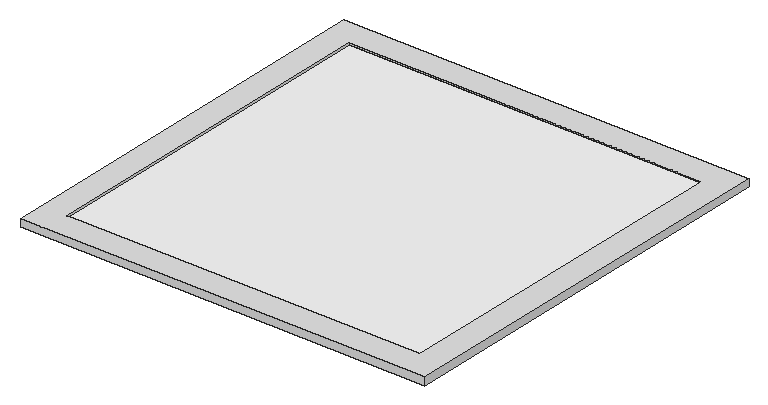
Revit family "LUXI_PANEL LIGHT_LG-E", category Apparecchi per illuminazione, host Superficie, Revit 2016
Family settings
  Host = Superficie
  Tipo di parte = Normale
  Quota connettore circolare = Usa diametro
  Numero OmniClass = 23.80.70.00
  Titolo OmniClass = Lighting
  Taglio con vuoti quando caricato = No
  Sorgente d'illuminazione = Sì
  Condiviso = No
  Punto di calcolo locali = Sì
Parameters (values of type "LPGE036660W940DA")
  Wattage = 25.582 W
  Vita utile = "L70B20 60.000ore"  # constant formula
  Variazione temperatura colore lampada con luminosità attenuata = <Nessuno>
  Uniclass 2015 Descrizione = "Lighting"  # constant formula
  Uniclass 2015 Codice = "EF_70_80"  # constant formula
  URL = "https://www.luxi.lighting/"
  Tipologie di installazione = "Incasso / plafone / sospensione"  # constant formula
  Temperatura di esercizio = "0°C / +40°C"  # constant formula
  built-in parameter 1150107 = 4000 (stored number, unit not read)
  Step MacAdam (SDCM) = "<4"  # constant formula
  Sorgente = "LED SMD"  # constant formula
  Sistema di illuminazione = "Luce indiretta (edge light)"  # constant formula
  Simbolo [instance] = yes
  Revisione = "3"  # constant formula
  Rendi la forma visibile nel rendering = no
  Regolazione del flusso luminoso = "1-10V / DALI / PUSH DIM selezionabile da dip-switch"  # constant formula
  Protezione agli urti = "IK07 (2 Joule)"  # constant formula
  Prospetto di default = 2000 mm
  Produttore = "Luxi Illuminazione S.r.l."  # constant formula
  Potenza = 36 W
  Peso = 3.60 kg
  built-in parameter 1150110 = 1 (stored number, unit not read)
  built-in parameter 1150109 = 1 (stored number, unit not read)
  built-in parameter 1114218 = 1 (stored number, unit not read)
  built-in parameter 1150112 = 1 (stored number, unit not read)
  Ottiche = "Pannello microprismatico UGR≤19"  # constant formula
  OFF1 = 38 mm
  Modello = "Serie LG-E | Panel Light"  # constant formula
  built-in parameter 1150137 = 1
  built-in parameter 1150132 = 2
  Materiale 3 = Lamiera Acciaio
  Materiale 2 = Alluminio Estruso_Bianco
  Materiale 1 = Tecnopolimero Microprismatico Alta Trasmittanza
  Masterformat 2016 Descrizione = "Lighting"  # constant formula
  Masterformat 2016 Codice = "26.50.00"  # constant formula
  Lunghezza = 595 mm
  Larghezza = 595 mm
  built-in parameter 1150105 = 302.39 (stored number, unit not read)
  built-in parameter 1150102 = (empty or 0)
  Indice di resa cromatica = "≥90 (typ.)"  # constant formula
  built-in parameter 1150106 = 3.0239 (stored number, unit not read)
  IFCExportAs = "IFCLightFixtureType"  # constant formula
  H = 11 mm
  Grado di protezione = "IP20, IP 44 (frontale)"  # constant formula
  Garanzia = "5 anni"  # constant formula
  Lumens = 3800 lm
  Color Filter = 16777215
  File diagramma fotometrico = "LPGE036660W940DA Luxi SERIE LG-E CRI90 DIM 60x60 36W 4000K.IES"
  built-in parameter 1114217 = 1 (stored number, unit not read)
  built-in parameter 1150139 = (empty or 0)
  Fattore di correzione di potenza = "≥0,95 (typ.)"  # constant formula
  Emit from Rectangle Length = Lunghezza - (2 * OFF1)  # 519 mm
  Emit from Rectangle Width = Larghezza - (2 * OFF1)  # 519 mm
  built-in parameter 1150104 = 13.8 (stored number, unit not read)
  Distanza da soffitto [instance] = 0 mm
  built-in parameter 1150115 = 1 (stored number, unit not read)
  built-in parameter 1150114 = 1 (stored number, unit not read)
  built-in parameter 1150113 = 1 (stored number, unit not read)
  Dimensioni = "595x595x11"
  Descrizione = "LED panel ad alta efficienza"  # constant formula
  built-in parameter 1150134 = 12
  built-in parameter 1150138 = (empty or 0)
  Colore = "Bianco"  # constant formula
  Classe di rischio fotobiologico = "Esente (RG0)"  # constant formula
  Classe di protezione = "II"  # constant formula
  Classe di efficienza energetica = "A++"  # constant formula
  Certificazioni = "CE / RohS"  # constant formula
  Carico apparente = Potenza  # 36 VA
  Articolo = "LPGE036660W940DA"
  Angolo inclinazione = -90.00°
  Alimentazione = "220-240V AC / 50-60 Hz"  # constant formula
  Alimentatore = "Incluso, dimmerabile"  # constant formula
  built-in parameter 1150133 = 10 (stored number, unit not read)
Types (3, lengths in mm): name | Peso | Lunghezza | Larghezza | File diagramma fotometrico | Emit from Rectangle Length | Emit from Rectangle Width | Dimensioni | Articolo
  (no name) | 3.60 kg | 595 | 595 | "LPGE036660W940DA Luxi SERIE LG-E CRI90 DIM 60x60 36W 4000K.IES" | 519 | 519 | "595x595x11" | "LPGE036660W940DA"
  LPGE036660W940DA | 3.60 kg | 595 | 595 | "LPGE036660W940DA Luxi SERIE LG-E CRI90 DIM 60x60 36W 4000K.IES" | 519 | 519 | "595x595x11" | "LPGE036660W940DA"
  LPGE036312W940DA | 3.80 kg | 1195 | 295 | "LPGE036312W940DA Luxi SERIE LG-E CRI90 DIM 30x120 36W 4000K.IES" | 1119 | 219 | "295x1295x11" | "LPGE036312W940DA"
Reference planes
  plane 1 "Centro (Fronte/Retro)": y = 0
  plane 2: z = 0
  plane 3 "Centro (Sinistra/Destra)": x = 0
  plane 4: y = 297.5
  plane 5: y = -297.5
  plane 6: x = 297.5
  plane 7: x = -297.5
  plane 8: y = 259.5
  plane 9: y = -259.5
  plane 10: x = 259.5
  plane 11: x = -259.5
  plane 12: z = 11
  plane 13: z = 0
  plane 14: z = 9
  plane 15: z = 1
Forms (mm)
  Extrusion 1, solid, material "Alluminio Estruso_Bianco" <- "Materiale 2"
    sketch origin (0, 0, 0) x (1, 0, 0) y (0, 1, 0)
      loop
        line (-297.5, 297.5) -> (-297.5, -297.5) -> (297.5, -297.5) -> (297.5, 297.5) -> (-297.5, 297.5)
      loop
        line (-259.5, 259.5) -> (-259.5, -259.5) -> (259.5, -259.5) -> (259.5, 259.5) -> (-259.5, 259.5)
    from 0 to 11
  Extrusion 2, solid, material "Tecnopolimero Microprismatico Alta Trasmittanza" <- "Materiale 1"
    sketch origin (0, 0, 0) x (1, 0, 0) y (0, 1, 0)
      loop
        line (-259.5, 259.5) -> (-259.5, -259.5) -> (259.5, -259.5) -> (259.5, 259.5) -> (-259.5, 259.5)
    from 1 to 9
  Extrusion 3, solid, material "Alluminio Estruso_Bianco" <- "Materiale 2"
    sketch origin (0, 0, 0) x (1, 0, 0) y (0, 1, 0)
      loop
        line (-297.5, 297.5) -> (-297.5, -297.5) -> (297.5, -297.5) -> (297.5, 297.5) -> (-297.5, 297.5)
    from 0 to 1
Cuts and joins
  joined: Extrusion 1, Extrusion 3
Dimensions and locks
  equal spacing: plane 7, plane 3 "Centro (Sinistra/Destra)", plane 6
  equal spacing: plane 5, plane 1 "Centro (Fronte/Retro)", plane 4
  "Lunghezza": plane 7 to plane 6
  "Larghezza": plane 5 to plane 4
  "OFF1": plane 7 to plane 11
  "OFF1": plane 10 to plane 6
  "OFF1": plane 8 to plane 4
  "OFF1": plane 9 to plane 5
  "H": plane 12 to plane 13
  "Distanza da soffitto": plane 13 to host face
  locked: plane 12 to plane 14 at 2
  locked: plane 15 to plane 13 at 1
  aligned and locked: plane 2 to host face
  aligned and locked: level to host face
  aligned and locked: Extrusion 1 to plane 13
  aligned and locked: plane 12 to Extrusion 1
  aligned and locked: plane 14 to Extrusion 2
  aligned and locked: plane 12 to imposter light
  aligned and locked: Extrusion 2 to plane 15
  aligned and locked: Extrusion 3 to Extrusion 1
  aligned and locked: Extrusion 3 to Extrusion 2
Automatic sketch dimensions
  host sketch curve to host sketch curve = 2438.4 mm  (x2)
  Extrusion 1 sketch curve to plane 5 = 0 mm
  Extrusion 1 sketch curve to plane 7 = 0 mm
  plane 8 to Extrusion 1 sketch curve = 0 mm
  Extrusion 1 sketch curve to plane 9 = 0 mm
  Extrusion 1 sketch curve to plane 11 = 0 mm
  Extrusion 1 sketch curve to plane 10 = 0 mm
  plane 4 to Extrusion 1 sketch curve = 0 mm
  Extrusion 1 sketch curve to plane 6 = 0 mm
  plane 8 to Extrusion 2 sketch curve = 0 mm
  Extrusion 2 sketch curve to plane 11 = 0 mm
  Extrusion 2 sketch curve to plane 10 = 0 mm
  Extrusion 2 sketch curve to plane 9 = 0 mm
  Extrusion 3 sketch curve to plane 7 = 0 mm
  plane 4 to Extrusion 3 sketch curve = 0 mm
  Extrusion 3 sketch curve to plane 6 = 0 mm
  Extrusion 3 sketch curve to plane 5 = 0 mm
Nested families
  nested 1: "PanelDET" at (0, 0, 0), Largh <- "Larghezza", Lungh <- "Lunghezza", Off1 <- "OFF1", visible <- "Simbolo", type "PanelDET"
    with Off1 38 mm, Lungh 595 mm, Largh 595 mm
Connectors
  electrical at (0, 0, 0), driven by "Potenza"
    settings: on cut or joined group of Extrusion 1, Extrusion 3, index 1, voltage 230 V, apparent load 0 VA, apparent load phase1 36 VA, apparent load phase2 0 VA, apparent load phase3 0 VA, power factor 1, load classification "Altro", number of poles 1, system type 31, power factor state 1, is connector primary yes, connector utility no, sub classification motor no, connector description ""
Definition of nested family "PanelDET"
  Parameters (values of type "PanelDET")
    Off1 [instance] = 93.635 mm
    Lungh [instance] = 1078.827 mm
    Largh [instance] = 899.656 mm
  Reference planes
    plane 1 "Centro (Fronte/Retro)": y = 0
    plane 2: z = 0
    plane 3 "Centro (Sinistra/Destra)": x = 0
  Lines and regions (mm)
    detail lines, in view "Livello rif."
      curve 1: line (-539.414, 449.828, 0) -> (539.414, 449.828, 0)
      curve 2: line (-539.414, -449.828, 0) -> (-539.414, 449.828, 0)
      curve 3: line (539.414, -449.828, 0) -> (-539.414, -449.828, 0)
      curve 4: line (539.414, 449.828, 0) -> (539.414, -449.828, 0)
      curve 5: line (-445.779, 356.193, 0) -> (445.779, 356.193, 0)
      curve 6: line (-445.779, -356.193, 0) -> (-445.779, 356.193, 0)
      curve 7: line (445.779, -356.193, 0) -> (-445.779, -356.193, 0)
      curve 8: line (445.779, 356.193, 0) -> (445.779, -356.193, 0)
  Dimensions and locks
    equal spacing: curve 2, plane 3 "Centro (Sinistra/Destra)", curve 4
    equal spacing: curve 3, plane 1 "Centro (Fronte/Retro)", curve 1
    equal spacing: curve 7, plane 1 "Centro (Fronte/Retro)", curve 5
    equal spacing: curve 6, plane 3 "Centro (Sinistra/Destra)", curve 8
    "Lungh": curve 2 to curve 4
    "Largh": curve 1 to curve 3
    "Off1": curve 5 to curve 1
    "Off1": curve 8 to curve 4
